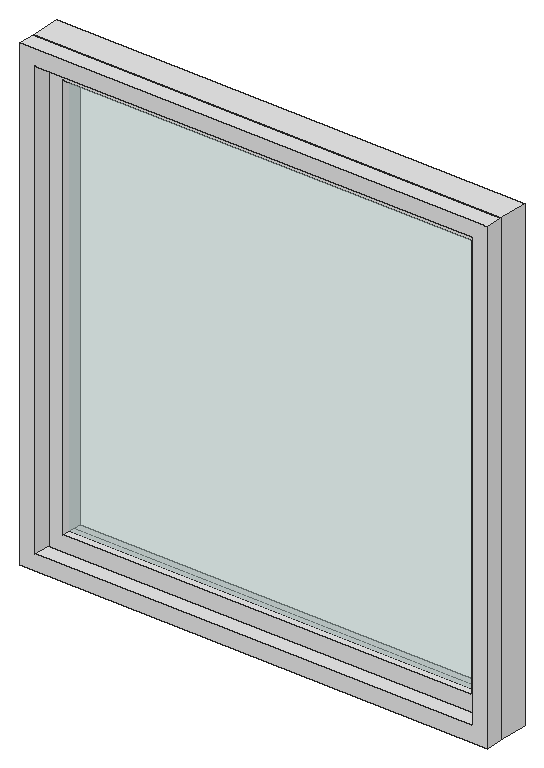
Revit family "Jan_Int_Bai", category Windows, host Wall, Revit 2025
Family settings
  Host = Wall
  OmniClass Number = 23.30.20.17.21.14
  OmniClass Title = Casement Windows
  Always vertical = Yes
  Cut with Voids When Loaded = No
  Shared = No
  Room Calculation Point = Yes
Parameters (values of type "Janela 1x1")
  Material vidro = CT_Vidros
  Material Esquadrias = CT_Aluminio_Branco
  Keynote = ""
  Height = 1000.00 mm
  Define Thermal Properties by = Schematic Type
  Default Sill Height = Altura_Verga - Height  # 1100.00 mm
  Trim Projection - Ext. = 13.00 mm
  Trim Projection - Int. = 19.00 mm
  Trim Width - Exterior = 89.00 mm
  Trim Width - Interior = 89.00 mm
  Wall Closure = By host
  Width = 1000.00 mm
  Window Inset = 19.00 mm
  Analytic Construction = "<None>"
  Altura_Verga = 2100.00 mm
Reference planes
  plane 1: y = 0
  plane 2: z = 0
  plane 3 "Center": x = 0
  plane 4 "Left": x = -500
  plane 5 "Right": x = 500
  plane 6 "Sill": z = 1100
  plane 7 "Top": z = 2100
  plane 8: y = 50
  plane 9: y = -50
  plane 10: y = 31
  plane 11 "Top": z = 1600
  plane 12: x = -480.95
  plane 13: x = -468.25
  plane 14: x = -569.95
  plane 15: x = -557.25
  plane 16: x = 468.25
  plane 17: x = 480.95
  plane 18: x = 557.25
  plane 19: x = 569.95
  plane 20: z = 2169.95
  plane 21: z = 2157.25
  plane 22: z = 2080.95
  plane 23: z = 2068.25
  plane 24: z = 1131.75
  plane 25: z = 1042.75
  plane 26 "Closure": y = 2.425
Forms (mm)
  Extrusion 1, solid, material "CT_Aluminio_Branco" <- "Material Esquadrias"
    sketch origin (0, 0, 0) x (1, 0, 0) y (0, 0, 1)
      loop
        line (-500, 2100) -> (-500, 1100) -> (500, 1100) -> (500, 2100) -> (-500, 2100)
      loop
        line (-480.95, 2080.95) -> (-480.95, 1119.05) -> (480.95, 1119.05) -> (480.95, 2080.95) -> (-480.95, 2080.95)
    from -50 to 13.45
  Extrusion 2, solid, material "CT_Aluminio_Branco" <- "Material Esquadrias"
    sketch origin (0, 0, 0) x (-1, 0, 0) y (0, 0, 1)
      loop
        line (-500, 2100) -> (-500, 1100) -> (500, 1100) -> (500, 2100) -> (-500, 2100)
      loop
        line (-468.25, 2068.25) -> (-468.25, 1131.75) -> (468.25, 1131.75) -> (468.25, 2068.25) -> (-468.25, 2068.25)
    from -13.45 to -50
  Extrusion 3, solid, material "CT_Aluminio_Branco" <- "Material Esquadrias"
    sketch origin (0, 0, 0) x (-1, 0, 0) y (0, 0, 1)
      loop
        line (-480.95, 2080.95) -> (-480.95, 1119.05) -> (480.95, 1119.05) -> (480.95, 2080.95) -> (-480.95, 2080.95)
      loop
        line (-436.5, 2036.5) -> (-436.5, 1163.5) -> (436.5, 1163.5) -> (436.5, 2036.5) -> (-436.5, 2036.5)
    from -13.45 to 31
  Extrusion 4, solid, material "CT_Vidros" <- "Material vidro"
    sketch origin (-124.971, 0, -117.036) x (1, 0, 0) y (0, 0, 1)
      loop
        line (-311.529, 2153.536) -> (-311.529, 1280.536) -> (561.471, 1280.536) -> (561.471, 2153.536) -> (-311.529, 2153.536)
    from -15.125 to -2.425
Cuts and joins
  joined: Extrusion 1, Extrusion 3
Lines and regions (mm)
  Opening 1
    outline origin (-1524, -50, 0) x (1, 0, 0) y (0, 0, 1)
      loop
        line (1024, 2100) -> (1024, 1100) -> (2024, 1100) -> (2024, 2100) -> (1024, 2100)
  symbolic lines, style "WindowsFrameMullionProjection"
    curve 1: line (-500, 50, 0) -> (-480.95, 50, 0)
    curve 2: line (-480.95, -13.45, 0) -> (-480.95, 50, 0)
    curve 3: line (-480.95, -13.45, 0) -> (-468.25, -13.45, 0)
    curve 4: line (-468.25, -50, 0) -> (-468.25, -13.45, 0)
    curve 5: line (500, 50, 0) -> (480.95, 50, 0)
    curve 6: line (468.25, -13.45, 0) -> (468.25, -50, 0)
    curve 7: line (468.25, -13.45, 0) -> (480.95, -13.45, 0)
    curve 8: line (480.95, -13.45, 0) -> (480.95, 50, 0)
    curve 9: line (-480.95, 31, 0) -> (-436.5, 31, 0)
    curve 10: line (-480.95, 31, 0) -> (-480.95, -13.45, 0)
    curve 11: line (-480.95, -13.45, 0) -> (-436.5, -13.45, 0)
    curve 12: line (-436.5, 31, 0) -> (-436.5, -13.45, 0)
    curve 13: line (480.95, 31, 0) -> (436.5, 31, 0)
    curve 14: line (480.95, 31, 0) -> (480.95, -13.45, 0)
    curve 15: line (480.95, -13.45, 0) -> (436.5, -13.45, 0)
    curve 16: line (436.5, 31, 0) -> (436.5, -13.45, 0)
    curve 18: line (-468.25, -50, 0) -> (-500, -50, 0)
    curve 19: line (468.25, -50, 0) -> (500, -50, 0)
  symbolic lines, style "WindowsGlassProjection"
    curve 17: line (-436.5, 8.775, 0) -> (436.5, 8.775, 0)
Text (mm)
  text "EXTERIOR" at (-1437.207, 772.553, 0), in view "Floor Line"
  text "INTERIOR" at (-1490.695, -608.643, 0), in view "Floor Line"
  text "Exterior" at (0, 1108.87, 3415.022), in view "Left"
  text "Exterior" at (0, 464.664, 3176.206), in view "Right"
Dimensions and locks
  equal spacing: plane 4 "Left", plane 3 "Center", plane 5 "Right"
  "Width": plane 4 "Left" to plane 5 "Right"
  plane 2 to plane 25 to plane 6 "Sill" to plane 11 "Top" to plane 7 "Top" = 1042.75 mm, 57.25 mm, 500.00 mm, 500.00 mm
  "Window Inset": plane 8 to plane 10
  locked: plane 10 to Extrusion 3 at 44.45
  locked: plane 10 to Extrusion 4 at 15.875
  locked: Extrusion 4 to Extrusion 4 at 12.7
  equal spacing: plane 6 "Sill", plane 11 "Top", plane 7 "Top"
  locked: plane 4 "Left" to plane 13 at 31.75
  locked: plane 16 to plane 5 "Right" at 31.75
  locked: plane 4 "Left" to plane 12 at 19.05
  locked: plane 17 to plane 5 "Right" at 19.05
  locked: plane 22 to plane 7 "Top" at 19.05
  "Trim Width - Exterior": plane 22 to plane 20
  "Trim Width - Exterior": plane 17 to plane 19
  "Trim Width - Exterior": plane 14 to plane 12
  locked: plane 7 "Top" to plane 23 at 31.75
  locked: plane 24 to plane 6 "Sill" at 31.75
  "Trim Width - Interior": plane 21 to plane 23
  "Trim Width - Interior": plane 24 to plane 25
  "Trim Width - Interior": plane 15 to plane 13
  "Trim Width - Interior": plane 16 to plane 18
  "Height": plane 7 "Top" to plane 6 "Sill"
  "Default Sill Height": plane 6 "Sill" to plane 2
  locked: plane 8 to plane 26 "Closure" at 47.575
  "Altura_Verga": plane 7 "Top" to level
  aligned and locked: plane 7 "Top" to Opening 1 sketch curve
  aligned and locked: plane 6 "Sill" to Opening 1 sketch curve  (x2)
  aligned and locked: plane 5 "Right" to Opening 1 sketch curve
  aligned and locked: plane 4 "Left" to Opening 1 sketch curve
  aligned and locked: plane 9 to host wall
  aligned and locked: host wall to Extrusion 2
  aligned and locked: plane 10 to Extrusion 3
  aligned and locked: plane 8 to host wall
  aligned and locked: host wall to Extrusion 1
  aligned and locked: Extrusion 2 to Extrusion 1
  aligned and locked: Extrusion 1 to Extrusion 3
  aligned and locked: Extrusion 4 sketch curve to Extrusion 3  (x4)
  aligned and locked: curve 5 to Extrusion 1  (x2)
  aligned and locked: Extrusion 2 to curve 6
  aligned and locked: curve 4 to Extrusion 2
  aligned and locked: curve 16 to Extrusion 3
  aligned and locked: Extrusion 1 to curve 11
  aligned and locked: Extrusion 1 to curve 7
Automatic sketch dimensions
  Extrusion 1 sketch curve to plane 4 "Left" = 0.00 mm
  Extrusion 1 sketch curve to plane 5 "Right" = 0.00 mm
  Extrusion 1 sketch curve to plane 4 "Left" = 19.05 mm
  plane 5 "Right" to Extrusion 1 sketch curve = 19.05 mm
  Extrusion 1 sketch curve to plane 6 "Sill" = 0.00 mm
  Extrusion 1 sketch curve to plane 7 "Top" = 0.00 mm
  Extrusion 1 sketch curve to plane 6 "Sill" = 19.05 mm
  plane 7 "Top" to Extrusion 1 sketch curve = 19.05 mm
  Extrusion 2 sketch curve to plane 5 "Right" = 0.00 mm
  Extrusion 2 sketch curve to plane 4 "Left" = 0.00 mm
  plane 5 "Right" to Extrusion 2 sketch curve = 31.75 mm
  Extrusion 2 sketch curve to plane 4 "Left" = 31.75 mm
  Extrusion 2 sketch curve to plane 6 "Sill" = 0.00 mm
  Extrusion 2 sketch curve to plane 7 "Top" = 0.00 mm
  Extrusion 2 sketch curve to plane 6 "Sill" = 31.75 mm
  plane 7 "Top" to Extrusion 2 sketch curve = 31.75 mm
  plane 5 "Right" to Extrusion 3 sketch curve = 19.05 mm
  plane 5 "Right" to Extrusion 3 sketch curve = 63.50 mm
  Extrusion 3 sketch curve to plane 4 "Left" = 63.50 mm
  Extrusion 3 sketch curve to plane 4 "Left" = 19.05 mm
  Extrusion 3 sketch curve to plane 6 "Sill" = 19.05 mm
  Extrusion 3 sketch curve to plane 6 "Sill" = 63.50 mm
  plane 7 "Top" to Extrusion 3 sketch curve = 63.50 mm
  plane 7 "Top" to Extrusion 3 sketch curve = 19.05 mm
  curve 18 to plane 4 "Left" = 0.00 mm
  curve 1 to plane 4 "Left" = 0.00 mm
  curve 2 to plane 8 = 0.00 mm
  curve 10 to plane 10 = 0.00 mm
  curve 13 to plane 10 = 0.00 mm
  curve 19 to plane 5 "Right" = 0.00 mm
  curve 2 to plane 4 "Left" = 19.05 mm
  curve 9 to curve 12 = 44.45 mm
  plane 5 "Right" to curve 13 = 19.05 mm
  curve 19 to plane 9 = 0.00 mm
  curve 4 to plane 9 = 0.00 mm
  curve 11 to curve 17 = 22.225 mm
